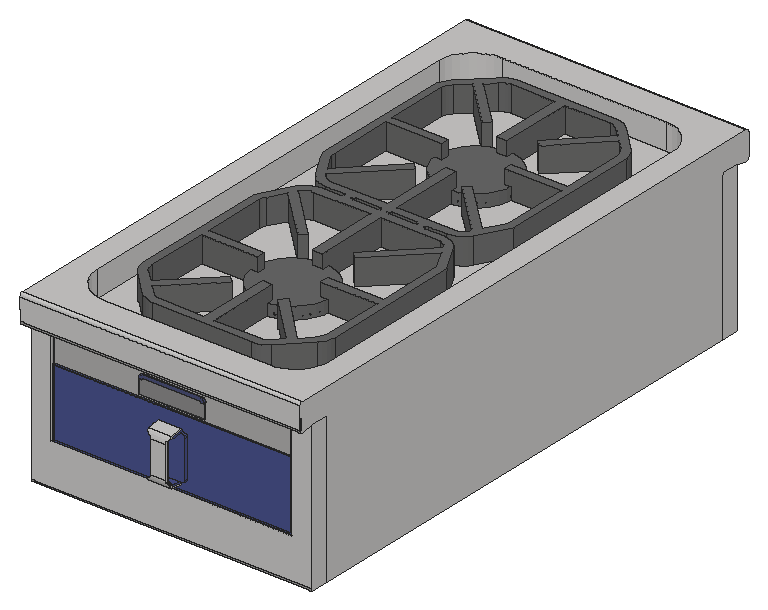
Revit family "QF_ELECTROLUXPROFESSIONAL_588038_MAGCACDOPO", category Specialty Equipment, Revit 2018
Family settings
  Round Connector Dimension = Use Diameter
  Part Type = Normal
  Work Plane-Based = No
  Always vertical = Yes
  Cut with Voids When Loaded = No
  Shared = No
  Room Calculation Point = No
Parameters
  Weight in Pounds = 81.571
  Watts = 0 W
  URL Cutsheet = ""
  Type Mark [instance] = ""
  Status [instance] = ""
  Specification by User [instance] = ""
  Specification by Manufacturer = ""
  Show Clearance [instance] = yes
  Serial Number = ""
  Seismic Rating = ""
  SMACNA No = ""
  Revision Code [instance] = ""
  Omniclass Number and Title = ""
  NAFEM Spec ID Number = ""
  Model = "588038"
  Mechanical Remarks [instance] = ""
  Mechanical Connection Type [instance] = ""
  Masterspec = ""
  Manufacturer = "ELECTROLUX"
  Item Number [instance] = ""
  Installed By [instance] = ""
  Identify Quantity as Lot [instance] = yes
  HP = "0 HP"
  Gas Size = 1/2"
  Gas RI Height [instance] = 0 mm
  Gas KW = 14
  Gas Input = 47726.0 Btu/h
  Gas Connection Height [instance] = 0 mm
  Furnished By [instance] = ""
  Foodservice Equipment Identifier [instance] = yes
  Direct Waste Size = 0"
  Description = "GAS TOP,2 BURNERS,2-SIDE,400X800X250H"
  CSI MasterFormat = ""
  CSI Master Format = ""
  Back Panel [instance] = yes
Reference planes
  plane 1 "BACK": y = 0
  plane 2: z = 0
  plane 3 "LEFT": x = 0
  plane 4 "RIGHT": x = 400
  plane 5 "FRONT": y = -800
  plane 6 "TOP": z = 250
  plane 7: x = 200
  plane 8: y = -400
  plane 9: z = 370
  plane 10: x = 365
  plane 11: y = -60.425
Forms (mm)
  Extrusion 1, solid, material "QF_Finishes_Stainless Steel"
    sketch origin (0, -487.128, 0) x (0, 1, 0) y (0, 0, 1)
      loop
        line (483.128, 250) -> (-308.872, 250)
        arc (-308.872, 250) -> (-311.7, 248.828) -> (-312.872, 246) r 4
        line (-312.872, 246) -> (-312.872, 214)
        arc (-312.872, 214) -> (-311.437, 210.931) -> (-308.161, 210.064) r 4
        line (-308.161, 210.064) -> (-292.872, 213) -> (-267.872, 213) -> (-267.872, 0) -> (442.128, 0) -> (442.128, 213) -> (465.765, 213) -> (482.433, 210.061)
        arc (482.433, 210.061) -> (485.699, 210.936) -> (487.128, 214) r 4
        line (487.128, 214) -> (487.128, 246)
        arc (487.128, 246) -> (485.956, 248.828) -> (483.128, 250) r 4
    from 0 to 400
  Extrusion 2, void
    sketch origin (653.786, 44.048, 250) x (1, 0, 0) y (0, -1, 0)
      loop
        line (-570.234, 89.462) -> (-335.321, 89.462)
        arc (-335.321, 89.462) -> (-300.694, 103.805) -> (-286.351, 138.432) r 48.97
        line (-286.351, 138.432) -> (-286.351, 750.078)
        arc (-286.351, 750.078) -> (-300.694, 784.705) -> (-335.321, 799.048) r 48.97
        line (-335.321, 799.048) -> (-570.234, 799.048)
        arc (-570.234, 799.048) -> (-605.59, 784.403) -> (-620.234, 749.048) r 50
        line (-620.234, 749.048) -> (-620.234, 139.462)
        arc (-620.234, 139.462) -> (-605.59, 104.107) -> (-570.234, 89.462) r 50
    from 0 to 37
  Extrusion 3, solid, material "QF_Finishes_Stainless Steel"
    sketch origin (10, -560, 0) x (1, 0, 0) y (0, -1, 0)
      loop
        circle (355, -70) r 6.35
    from 0 to 3.2
Cuts and joins
  Extrusion 2 cuts Extrusion 1
Lines and regions (mm)
  symbolic lines
    curve 1: line (0, 0, 0) -> (400, 0, 0)
    curve 2: line (0, -800, 0) -> (0, 0, 0)
    curve 3: line (400, -800, 0) -> (0, -800, 0)
    curve 4: line (400, 0, 0) -> (400, -800, 0)
    curve 5: arc (83.552, -755, 0) -> (48.197, -740.355, 0) -> (33.552, -705, 0) r 50
    curve 6: line (33.552, -705, 0) -> (33.552, -95.414, 0)
    curve 7: arc (33.552, -95.414, 0) -> (48.197, -60.059, 0) -> (83.552, -45.414, 0) r 50
    curve 8: line (83.552, -45.414, 0) -> (318.465, -45.414, 0)
    curve 9: arc (318.465, -45.414, 0) -> (353.092, -59.757, 0) -> (367.435, -94.384, 0) r 48.97
    curve 10: line (367.435, -94.384, 0) -> (367.435, -706.03, 0)
    curve 11: arc (367.435, -706.03, 0) -> (353.092, -740.657, 0) -> (318.465, -755, 0) r 48.97
    curve 12: line (318.465, -755, 0) -> (83.552, -755, 0)
Dimensions and locks
  plane 3 "LEFT" to plane 4 "RIGHT" = 400 mm
  plane 5 "FRONT" to plane 1 "BACK" = 800 mm
  equal spacing: plane 3 "LEFT", plane 7, plane 4 "RIGHT"
  equal spacing: plane 5 "FRONT", plane 8, plane 1 "BACK"
  plane 6 "TOP" to level = 250 mm  (x2)
  plane 1 "BACK" to plane 5 "FRONT" = 800 mm
  Extrusion 3 sketch curve to plane 1 "BACK" = 490 mm
  Extrusion 3 sketch curve to plane 4 "RIGHT" = 35 mm
  plane 1 "BACK" to Extrusion 3 = 490 mm
  locked: plane 10 to plane 4 "RIGHT" at 35
  aligned and locked: level to plane 2
  aligned and locked: plane 7 to nested 1
  aligned and locked: Extrusion 1 to plane 4 "RIGHT"
Automatic sketch dimensions
  Extrusion 1 sketch curve to plane 5 "FRONT" = 0 mm
  Extrusion 1 sketch curve to plane 6 "TOP" = 0 mm
  Extrusion 1 sketch curve to level = 0 mm
  Extrusion 1 sketch curve to plane 1 "BACK" = 0 mm
  Extrusion 1 sketch curve to plane 6 "TOP" = 37 mm  (x2)
  Extrusion 1 sketch curve to plane 5 "FRONT" = 4 mm
  Extrusion 1 sketch curve to plane 5 "FRONT" = 20 mm
  Extrusion 1 sketch curve to plane 5 "FRONT" = 45 mm
  plane 1 "BACK" to Extrusion 1 sketch curve = 21.363 mm
  plane 1 "BACK" to Extrusion 1 sketch curve = 4 mm  (x2)
  Extrusion 1 sketch curve to Extrusion 1 sketch curve = 4 mm
  Extrusion 1 sketch curve to Extrusion 1 sketch curve = 0.711 mm
  plane 1 "BACK" to Extrusion 1 sketch curve = 4.695 mm
  Extrusion 1 sketch curve to Extrusion 1 sketch curve = 0 mm  (x2)
  Extrusion 1 sketch curve to Extrusion 1 sketch curve = 1 mm  (x2)
  plane 1 "BACK" to Extrusion 1 sketch curve = 45 mm
  plane 1 "BACK" to curve 1 = 0 mm
  curve 1 to plane 4 "RIGHT" = 0 mm
  curve 2 to plane 3 "LEFT" = 0 mm
  Extrusion 2 sketch curve to Extrusion 2 sketch curve = 50 mm  (x2)
  Extrusion 1 to Extrusion 2 sketch curve = 81.535 mm  (x2)
  Extrusion 1 to Extrusion 2 sketch curve = 41 mm
  Extrusion 1 to Extrusion 2 sketch curve = 32.565 mm
  Extrusion 1 to Extrusion 2 sketch curve = 33.552 mm
  Extrusion 1 to Extrusion 2 sketch curve = 91.414 mm
  curve 10 to plane 10 = 2.435 mm
  plane 11 to curve 8 = 15.012 mm
  plane 10 to curve 8 = 46.535 mm
  plane 3 "LEFT" to curve 8 = 83.552 mm
  plane 3 "LEFT" to curve 6 = 33.552 mm
  curve 6 to plane 5 "FRONT" = 95 mm
  plane 10 to curve 12 = 46.535 mm
  curve 10 to plane 5 "FRONT" = 93.97 mm
  plane 5 "FRONT" to curve 4 = 0 mm
  radius of Extrusion 3 sketch curve = 6.35 mm
Nested families
  nested 1: "EG_800_500_Single Range Control Handle Front Panel" at (202.376, -755, -650), type "EG_800_500_Single Range Control Handle Front Panel"
  nested 2: "OBT_800_Open Burner" at (200, -400.207, -649.319), type "OBT_800_Open Burner"
  nested 3: "EG_800_500_Single Range Control Handle Back Panel" at (202.376, -45, -650), type "EG_800_500_Single Range Control Handle Back Panel"
Connectors
  piping at (365, -490, -3.2), diameter 12.8
    settings: on Extrusion 3, index 1, connector inside diameter 0.50394", connector length 0 mm, flow factor 0, pipe flow 0 GPM, pressure drop 0.00 psi, fitting loss kfactor 0, connector angle 0.00°, fixture units 0, engagement length 0 mm, angle of deflection 0.00°, flow configuration 1, flow direction 1, fitting loss method 0, system type 7, joint type 0, gender type 0, connector reference index -1, connector utility 0, adjustable connector no, is connector primary yes, connector description "GAS CONNECTION"
Definition of nested family "EG_800_500_Single Range Control Handle Front Panel"
  Reference planes
    plane 1 "Center (Front/Back)": y = 0
    plane 2: z = 0
    plane 3 "Center (Left/Right)": x = -2.376
    plane 4: x = -202.376
    plane 5: x = 197.624
    plane 6: y = -45
  Forms (mm)
    Extrusion 1, solid
      sketch origin (833.217, 829.203, -1.25) x (0, 1, 0) y (0, 0, 1)
        loop
          arc (-854.203, 654.25) -> (-853.324, 652.129) -> (-851.203, 651.25) r 3
          line (-851.203, 651.25) -> (-829.203, 651.25) -> (-829.203, 864.25) -> (-854.203, 864.25) -> (-854.203, 654.25)
      from -1035.593 to -635.593
    Extrusion 2, void
      sketch origin (33.217, 829.203, -1.25) x (1, 0, 0) y (0, 0, 1)
        loop
          line (-207.593, 855.116) -> (-207.593, 713.116) -> (136.407, 713.116) -> (136.407, 855.116) -> (-207.593, 855.116)
      from 848.59 to 854.203
  Cuts and joins
    Extrusion 2 cuts Extrusion 1
  Dimensions and locks
    equal spacing: plane 5, plane 3 "Center (Left/Right)", plane 4
    plane 5 to plane 4 = 400 mm
    aligned and locked: cut or joined group of Extrusion 1, Extrusion 2 to plane 4
    aligned and locked: plane 5 to cut or joined group of Extrusion 1, Extrusion 2
    aligned and locked: plane 3 "Center (Left/Right)" to nested 1
    aligned and locked: cut or joined group of Extrusion 1, Extrusion 2 to nested 1
  Automatic sketch dimensions
    Extrusion 1 sketch curve to plane 1 "Center (Front/Back)" = 0 mm
    plane 1 "Center (Front/Back)" to Extrusion 1 sketch curve = 22 mm
    Extrusion 1 sketch curve to Extrusion 1 sketch curve = 3 mm
    level to Extrusion 1 sketch curve = 650 mm
    Extrusion 1 sketch curve to Extrusion 1 sketch curve = 210 mm
    plane 4 to Extrusion 2 sketch curve = 28 mm
    Extrusion 2 sketch curve to plane 5 = 28 mm
    level to Extrusion 2 sketch curve = 711.866 mm
    Extrusion 2 sketch curve to Extrusion 2 sketch curve = 142 mm
  Nested families
    nested 1: "glass conrol panel" at (-2.376, 280.644, 2.752), type "glass conrol panel"
    nested 2: "Range Control Handle" at (-2.602, -28.137, -209.113), type "Range Control Handle"
  Definition of nested family "glass conrol panel"
    Reference planes
      plane 1 "Center (Front/Back)": y = 0
      plane 2: z = 0
      plane 3 "Center (Left/Right)": x = 0
    Forms (mm)
      Extrusion 1, solid
        sketch origin (378.286, 0, 0.617) x (1, 0, 0) y (0, 0, 1)
          loop
            line (-550.286, 806.791) -> (-550.286, 708.497) -> (-206.286, 708.497) -> (-206.286, 806.791) -> (-550.286, 806.791)
        from 300.031 to 304.8
      Extrusion 2, solid
        sketch origin (378.286, 0, 0.617) x (1, 0, 0) y (0, 0, 1)
          loop
            line (-550.286, 850.497) -> (-550.286, 806.791) -> (-206.286, 806.791) -> (-206.286, 850.497) -> (-550.286, 850.497)
        from 300.031 to 304.8
      Extrusion 3, void
        sketch origin (378.286, 0, 0.617) x (1, 0, 0) y (0, 0, 1)
          loop
            line (-547.628, 847.565) -> (-547.628, 710.699) -> (-209.196, 710.699) -> (-209.196, 847.565) -> (-547.628, 847.565)
        from 303.697 to 304.8
      Extrusion 4, solid
        sketch origin (308.309, 1.101, -0.633) x (1, 0, 0) y (0, 0, 1)
          loop
            line (-261.431, 812.62) -> (-261.431, 834.177) -> (-266.24, 834.177) -> (-268.039, 835.977) -> (-348.469, 835.977) -> (-350.269, 834.177) -> (-355.186, 834.177) -> (-355.186, 812.62) -> (-261.431, 812.62)
        from 304.798 to 306.745
      Extrusion 5, solid
        sketch origin (308.309, 1.101, -0.633) x (1, 0, 0) y (0, 0, 1)
          loop
            line (-350.269, 834.177) -> (-348.469, 835.977) -> (-268.039, 835.977) -> (-266.24, 834.177) -> (-261.529, 834.177)
            arc (-261.529, 834.177) -> (-262.706, 838.752) -> (-266.98, 840.763) r 5.549
            line (-266.98, 840.763) -> (-349.686, 840.763)
            arc (-349.686, 840.763) -> (-353.942, 838.747) -> (-355.078, 834.177) r 5.5
            line (-355.078, 834.177) -> (-350.269, 834.177)
        from 304.798 to 306.745
    Cuts and joins
      Extrusion 3 cuts Extrusion 1
      Extrusion 3 cuts Extrusion 2
    Dimensions and locks
      aligned and locked: Extrusion 1 to Extrusion 2
      aligned and locked: Extrusion 5 sketch curve to Extrusion 4  (x4)
      aligned and locked: Extrusion 4 to Extrusion 5 sketch curve
      aligned and locked: Extrusion 5 to Extrusion 4
  Definition of nested family "Range Control Handle"
    Reference planes
      plane 1 "Center (Front/Back)": y = 0
      plane 2: z = 0
      plane 3 "Center (Left/Right)": x = 0
      plane 4: z = 971.092
      plane 5: y = -16.9
    Forms (mm)
      Extrusion 1, solid
        sketch origin (-746.28, 380.497, 208.931) x (-1, 0, 0) y (0, 0, 1)
          loop
            line (-770.101, 786.798) -> (-770.101, 731.649)
            arc (-770.101, 731.649) -> (-769.759, 730.563) -> (-768.855, 729.87) r 1.893
            line (-768.855, 729.87) -> (-763.474, 727.911) -> (-729.81, 727.911) -> (-724.428, 729.87)
            arc (-724.428, 729.87) -> (-723.525, 730.563) -> (-723.183, 731.649) r 1.893
            line (-723.183, 731.649) -> (-723.183, 786.798)
            arc (-723.183, 786.798) -> (-723.529, 787.894) -> (-724.44, 788.593) r 1.91
            line (-724.44, 788.593) -> (-729.683, 790.819) -> (-763.601, 790.819) -> (-768.844, 788.593)
            arc (-768.844, 788.593) -> (-769.755, 787.894) -> (-770.101, 786.798) r 1.91
        from -382.35 to -378.852
      Sweep 2, solid
        path origin (-746.788, 380.496, 208.091) x (0, -1, 0) y (0, 0, 1)
          loop
            line (379.775, 793.281) -> (395.661, 791.048)
            arc (395.661, 791.048) -> (397.781, 787.377) -> (398.517, 783.202) r 12.207
            line (398.517, 783.202) -> (398.517, 737.368)
            arc (398.517, 737.368) -> (397.781, 733.193) -> (395.661, 729.522) r 12.207
            line (395.661, 729.522) -> (379.775, 727.289)
        profile origin (-746.788, -7.222, 1000.256) x (0, -0.139173, 0.990268) y (-1, 0, 0)
          loop
            line (0.782, -763.123) -> (0.782, -730.907) -> (-1.322, -730.907) -> (-1.322, -763.123) -> (0.782, -763.123)
      Sweep 3, solid
        path origin (-746.788, 380.715, 207.832) x (0, -1, 0) y (0, 0, 1)
          loop
            line (380.478, 795.442) -> (397.218, 793.09)
            arc (397.218, 793.09) -> (399.929, 788.473) -> (400.871, 783.202) r 15.207
            line (400.871, 783.202) -> (400.871, 737.584)
            arc (400.871, 737.584) -> (399.914, 732.274) -> (397.164, 727.633) r 15.207
            line (397.164, 727.633) -> (380.601, 725.305)
        profile origin (-746.788, -8.132, 1002.099) x (0, -0.139173, 0.990268) y (-1, 0, 0)
          loop
            line (0.782, -763.123) -> (0.782, -730.907) -> (-1.322, -730.907) -> (-1.322, -763.123) -> (0.782, -763.123)
      Extrusion 4, void
        sketch origin (889.253, 220.666, 207.993) x (1, 0, 0) y (0, 0, 1)
          loop
            line (-943.038, 816.854) -> (-943.038, 703.686) -> (-899.466, 734.196) -> (-899.466, 786.344) -> (-943.038, 816.854)
        from 230.636 to 242.25
      Extrusion 5, void
        sketch origin (-888.8, 220.666, 207.993) x (-1, 0, 0) y (0, 0, -1)
          loop
            line (-943.038, -816.854) -> (-899.466, -786.344) -> (-899.466, -734.196) -> (-943.038, -703.686) -> (-943.038, -816.854)
        from 230.636 to 242.25
      Extrusion 6, solid
        sketch origin (0, 0, 0) x (1, 0, 0) y (0, 0, 1)
          loop
            circle (0, 971.092) r 7.736
        from -3.137 to -1.645
    Cuts and joins
      Extrusion 4, Extrusion 5 cuts Sweep 3
      Extrusion 4, Extrusion 5 cuts Sweep 2
      joined: Extrusion 1, Extrusion 6
    Lines and regions (mm)
      symbolic lines
        curve 1: line (16.334, -16.9, 0) -> (16.334, -19.227, 0)
        curve 2: spline (16.334, -19.227, 0) -> (15.87, -19.385, 0) -> (15.404, -19.536, 0) -> (14.936, -19.678, 0) -> (14.466, -19.813, 0) -> (13.995, -19.94, 0) -> (13.523, -20.059, 0) -> (13.049, -20.171, 0) -> (12.575, -20.274, 0) -> (12.099, -20.37, 0) -> (11.622, -20.458, 0) -> (11.144, -20.537, 0) -> (10.666, -20.609, 0)
        curve 3: line (10.666, -16.9, 0) -> (10.666, -20.938, 0)
        curve 4: line (-10.213, -20.938, 0) -> (10.666, -20.938, 0)
        curve 5: line (-10.213, -20.938, 0) -> (-10.213, -16.9, 0)
        curve 6: spline (-10.213, -20.609, 0) -> (-10.691, -20.537, 0) -> (-11.169, -20.458, 0) -> (-11.646, -20.37, 0) -> (-12.122, -20.274, 0) -> (-12.597, -20.171, 0) -> (-13.07, -20.059, 0) -> (-13.542, -19.94, 0) -> (-14.013, -19.813, 0) -> (-14.483, -19.678, 0) -> (-14.951, -19.536, 0) -> (-15.417, -19.385, 0) -> (-15.881, -19.227, 0)
        curve 7: line (-15.881, -19.227, 0) -> (-15.881, -16.9, 0)
Definition of nested family "OBT_800_Open Burner"
  Reference planes
    plane 1 "Center (Front/Back)": y = 0
    plane 2: z = 0
    plane 3 "Center (Left/Right)": x = 0
    plane 4: x = -136.448
    plane 5: x = 137.435
    plane 6: y = 324.793
    plane 7: y = -324.793
  Forms (mm)
    Extrusion 1, solid
      sketch origin (2130.573, 56.896, -679.622) x (1, 0, 0) y (0, 1, 0)
        loop
          line (-2137.44, 256.49) -> (-2200.793, 256.49)
          arc (-2200.793, 256.49) -> (-2207.908, 255.075) -> (-2213.94, 251.044) r 18.593
          line (-2213.94, 251.044) -> (-2226.233, 238.751) -> (-2163.48, 175.998) -> (-2171.6, 167.877) -> (-2234.354, 230.631) -> (-2250.33, 214.654)
          arc (-2250.33, 214.654) -> (-2254.433, 208.337) -> (-2255.614, 200.897) r 18.125
          line (-2255.614, 200.897) -> (-2255.614, 113.422) -> (-2175.79, 113.422) -> (-2175.79, 101.938) -> (-2255.614, 101.938) -> (-2255.614, 10.897)
          arc (-2255.614, 10.897) -> (-2254.981, 6.085) -> (-2253.123, 1.601) r 18.593
          line (-2253.123, 1.601) -> (-2240.078, -20.994) -> (-2171.6, 47.483) -> (-2163.48, 39.363) -> (-2234.012, -31.169)
          arc (-2234.012, -31.169) -> (-2228.546, -38.527) -> (-2220.23, -42.379) r 18.593
          line (-2220.23, -42.379) -> (-2137.44, -42.379) -> (-2137.44, 62.464) -> (-2123.707, 62.464) -> (-2123.707, -42.379) -> (-2039.969, -42.379)
          arc (-2039.969, -42.379) -> (-2031.653, -38.527) -> (-2026.187, -31.169) r 18.593
          line (-2026.187, -31.169) -> (-2097.271, 39.915) -> (-2089.15, 48.035) -> (-2020.118, -20.997) -> (-2004.585, 5.916) -> (-2004.585, 101.938) -> (-2085.357, 101.938) -> (-2085.357, 113.422) -> (-2004.585, 113.422) -> (-2004.585, 197.888)
          arc (-2004.585, 197.888) -> (-2006.695, 208.496) -> (-2012.704, 217.489) r 27.72
          line (-2012.704, 217.489) -> (-2025.845, 230.631) -> (-2089.15, 167.325) -> (-2097.271, 175.446) -> (-2033.966, 238.751) -> (-2046.259, 251.044)
          arc (-2046.259, 251.044) -> (-2052.291, 255.075) -> (-2059.406, 256.49) r 18.593
          line (-2059.406, 256.49) -> (-2123.707, 256.49) -> (-2123.707, 152.897) -> (-2137.44, 152.897) -> (-2137.44, 256.49)
        loop
          arc (-2267.021, 10.897) -> (-2265.999, 3.132) -> (-2263.002, -4.103) r 30
          line (-2263.002, -4.103) -> (-2242.795, -39.103)
          arc (-2242.795, -39.103) -> (-2231.814, -50.084) -> (-2216.814, -54.103) r 30
          line (-2216.814, -54.103) -> (-2189.287, -54.103)
          arc (-2189.287, -54.103) -> (-2188.243, -56) -> (-2186.272, -56.896) r 3.438
          arc (-2186.272, -56.896) -> (-2188.243, -57.792) -> (-2189.287, -59.689) r 3.438
          line (-2189.287, -59.689) -> (-2216.814, -59.689)
          arc (-2216.814, -59.689) -> (-2231.814, -63.708) -> (-2242.795, -74.689) r 30
          line (-2242.795, -74.689) -> (-2263.002, -109.689)
          arc (-2263.002, -109.689) -> (-2265.999, -116.924) -> (-2267.021, -124.689) r 30
          line (-2267.021, -124.689) -> (-2267.021, -315.461)
          arc (-2267.021, -315.461) -> (-2264.738, -326.941) -> (-2258.234, -336.674) r 30
          line (-2258.234, -336.674) -> (-2221.975, -372.933)
          arc (-2221.975, -372.933) -> (-2212.253, -379.414) -> (-2200.793, -381.689) r 30
          line (-2200.793, -381.689) -> (-2059.406, -381.689)
          arc (-2059.406, -381.689) -> (-2047.942, -379.412) -> (-2038.218, -372.928) r 30
          line (-2038.218, -372.928) -> (-2001.964, -336.674)
          arc (-2001.964, -336.674) -> (-1995.461, -326.941) -> (-1993.138, -315.461) r 30
          line (-1993.138, -315.461) -> (-1993.138, -116.719) -> (-2017.404, -74.689)
          arc (-2017.404, -74.689) -> (-2028.385, -63.708) -> (-2043.385, -59.689) r 30
          line (-2043.385, -59.689) -> (-2070.476, -59.689)
          arc (-2070.476, -59.689) -> (-2072.136, -57.759) -> (-2074.531, -56.896) r 5
          arc (-2074.531, -56.896) -> (-2072.136, -56.033) -> (-2070.476, -54.103) r 5
          line (-2070.476, -54.103) -> (-2043.385, -54.103)
          arc (-2043.385, -54.103) -> (-2028.385, -50.084) -> (-2017.404, -39.103) r 30
          line (-2017.404, -39.103) -> (-1993.294, 2.656) -> (-1993.294, 204.314)
          arc (-1993.294, 204.314) -> (-1995.995, 214.361) -> (-2001.964, 222.882) r 30
          line (-2001.964, 222.882) -> (-2038.218, 259.136)
          arc (-2038.218, 259.136) -> (-2047.942, 265.62) -> (-2059.406, 267.897) r 30
          line (-2059.406, 267.897) -> (-2200.793, 267.897)
          arc (-2200.793, 267.897) -> (-2212.253, 265.622) -> (-2221.975, 259.141) r 30
          line (-2221.975, 259.141) -> (-2258.234, 222.882)
          arc (-2258.234, 222.882) -> (-2264.738, 213.149) -> (-2267.021, 201.669) r 30
          line (-2267.021, 201.669) -> (-2267.021, 10.897)
        loop
          arc (-2122.397, -54.103) -> (-2124.057, -56.033) -> (-2126.452, -56.896) r 5
          arc (-2126.452, -56.896) -> (-2124.057, -57.759) -> (-2122.397, -59.689) r 5
          line (-2122.397, -59.689) -> (-2085.985, -59.689)
          arc (-2085.985, -59.689) -> (-2084.941, -57.792) -> (-2082.97, -56.896) r 3.438
          arc (-2082.97, -56.896) -> (-2084.941, -56) -> (-2085.985, -54.103) r 3.438
          line (-2085.985, -54.103) -> (-2122.397, -54.103)
        loop
          arc (-2173.778, -54.103) -> (-2175.438, -56.033) -> (-2177.833, -56.896) r 5
          arc (-2177.833, -56.896) -> (-2175.438, -57.759) -> (-2173.778, -59.689) r 5
          line (-2173.778, -59.689) -> (-2137.906, -59.689)
          arc (-2137.906, -59.689) -> (-2136.862, -57.792) -> (-2134.891, -56.896) r 3.438
          arc (-2134.891, -56.896) -> (-2136.862, -56) -> (-2137.906, -54.103) r 3.438
          line (-2137.906, -54.103) -> (-2173.778, -54.103)
        loop
          line (-2137.44, -370.282) -> (-2137.44, -265.439) -> (-2123.707, -265.439) -> (-2123.707, -370.282) -> (-2059.406, -370.282)
          arc (-2059.406, -370.282) -> (-2052.291, -368.867) -> (-2046.259, -364.836) r 18.593
          line (-2046.259, -364.836) -> (-2033.341, -351.918) -> (-2097.271, -287.988) -> (-2089.15, -279.867) -> (-2025.22, -343.798) -> (-2012.704, -331.281)
          arc (-2012.704, -331.281) -> (-2006.695, -322.288) -> (-2004.585, -311.68) r 27.72
          line (-2004.585, -311.68) -> (-2004.585, -225.964) -> (-2085.357, -225.964) -> (-2085.357, -214.48) -> (-2004.585, -214.48) -> (-2004.585, -119.708) -> (-2020.576, -92.003) -> (-2089.15, -160.577) -> (-2097.271, -152.457) -> (-2026.57, -81.755)
          arc (-2026.57, -81.755) -> (-2032.024, -74.971) -> (-2039.969, -71.413) r 18.593
          line (-2039.969, -71.413) -> (-2123.707, -71.413) -> (-2123.707, -175.006) -> (-2137.44, -175.006) -> (-2137.44, -71.413) -> (-2220.23, -71.413)
          arc (-2220.23, -71.413) -> (-2228.175, -74.971) -> (-2233.629, -81.755) r 18.593
          line (-2233.629, -81.755) -> (-2163.48, -151.905) -> (-2171.6, -160.025) -> (-2239.62, -92.005) -> (-2253.123, -115.393)
          arc (-2253.123, -115.393) -> (-2254.981, -119.877) -> (-2255.614, -124.689) r 18.593
          line (-2255.614, -124.689) -> (-2255.614, -214.48) -> (-2175.79, -214.48) -> (-2175.79, -225.964) -> (-2255.614, -225.964) -> (-2255.614, -314.689)
          arc (-2255.614, -314.689) -> (-2254.433, -322.129) -> (-2250.33, -328.446) r 18.125
          line (-2250.33, -328.446) -> (-2234.979, -343.798) -> (-2171.6, -280.419) -> (-2163.48, -288.54) -> (-2226.858, -351.918) -> (-2213.94, -364.836)
          arc (-2213.94, -364.836) -> (-2207.908, -368.867) -> (-2200.793, -370.282) r 18.593
          line (-2200.793, -370.282) -> (-2137.44, -370.282)
      from 1542.072 to 1578.941
    Extrusion 2, solid
      sketch origin (2130.573, 86.122, 0) x (1, 0, 0) y (0, 1, 0)
        loop
          circle (-2130.573, -249.448) r 55
        loop
          circle (-2130.573, 78.455) r 55
      from 862.45 to 879.837
    Extrusion 3, void
      sketch origin (-124.371, -330.785, -22.784) x (-0.587785, -0.809017, 0) y (0, 0, 1)
        loop
          circle (-213.495, 891.283) r 1
      from -67.69 to -35.114
    Extrusion 4, void
      sketch origin (-89.903, -351.417, -22.784) x (-0.422618, -0.906308, 0) y (0, 0, 1)
        loop
          circle (-213.495, 891.283) r 1
      from -74.826 to -35.114
    Extrusion 5, void
      sketch origin (-52.131, -365.093, -22.784) x (-0.241922, -0.970296, 0) y (0, 0, 1)
        loop
          circle (-213.495, 891.283) r 1
      from -67.69 to -35.114
    Extrusion 6, void
      sketch origin (27.702, -369.842, -22.784) x (0.139173, -0.990268, 0) y (0, 0, 1)
        loop
          circle (-213.495, 891.283) r 1
      from -67.69 to -35.114
    Extrusion 7, void
      sketch origin (66.829, -360.74, -22.784) x (0.325568, -0.945519, 0) y (0, 0, 1)
        loop
          circle (-213.495, 891.283) r 1
      from -67.69 to -35.114
    Extrusion 8, void
      sketch origin (103.5, -344.339, -22.784) x (0.5, -0.866025, 0) y (0, 0, 1)
        loop
          circle (-213.495, 891.283) r 1
      from -67.69 to -35.114
    Extrusion 9, void
      sketch origin (136.368, -321.242, -22.784) x (0.656059, -0.75471, 0) y (0, 0, 1)
        loop
          circle (-213.495, 891.283) r 1
      from -67.69 to -35.114
    Extrusion 10, void
      sketch origin (164.225, -292.298, -22.784) x (0.788011, -0.615661, 0) y (0, 0, 1)
        loop
          circle (-213.495, 891.283) r 1
      from -67.69 to -35.114
    Extrusion 11, void
      sketch origin (186.048, -258.571, -22.784) x (0.891007, -0.45399, 0) y (0, 0, 1)
        loop
          circle (-213.495, 891.283) r 1
      from -67.69 to -35.114
    Extrusion 12, void
      sketch origin (201.034, -221.299, -22.784) x (0.961262, -0.275637, 0) y (0, 0, 1)
        loop
          circle (-213.495, 891.283) r 1
      from -67.69 to -35.114
    Extrusion 13, void
      sketch origin (208.566, -141.681, -22.784) x (0.994522, 0.104528, 0) y (0, 0, 1)
        loop
          circle (-213.495, 891.283) r 1
      from -67.69 to -35.114
    Extrusion 14, void
      sketch origin (200.835, -102.26, -22.784) x (0.956305, 0.292372, 0) y (0, 0, 1)
        loop
          circle (-213.495, 891.283) r 1
      from -67.69 to -35.114
    Extrusion 15, void
      sketch origin (185.724, -65.039, -22.784) x (0.882948, 0.469472, 0) y (0, 0, 1)
        loop
          circle (-213.495, 891.283) r 1
      from -67.69 to -35.114
    Extrusion 16, void
      sketch origin (163.788, -31.385, -22.784) x (0.777146, 0.62932, 0) y (0, 0, 1)
        loop
          circle (-213.495, 891.283) r 1
      from -67.69 to -35.114
    Extrusion 17, void
      sketch origin (135.834, -2.534, -22.784) x (0.642788, 0.766044, 0) y (0, 0, 1)
        loop
          circle (-213.495, 891.283) r 1
      from -67.69 to -35.114
    Extrusion 18, void
      sketch origin (102.889, 20.452, -22.784) x (0.48481, 0.87462, 0) y (0, 0, 1)
        loop
          circle (-213.495, 891.283) r 1
      from -67.69 to -35.114
    Extrusion 19, void
      sketch origin (66.163, 36.73, -22.784) x (0.309017, 0.951057, 0) y (0, 0, 1)
        loop
          circle (-213.495, 891.283) r 1
      from -67.69 to -35.114
    Extrusion 20, void
      sketch origin (-52.811, 40.685, -22.784) x (-0.258819, 0.965926, 0) y (0, 0, 1)
        loop
          circle (-213.495, 891.283) r 1
      from -67.69 to -35.114
    Extrusion 21, void
      sketch origin (-90.537, 26.882, -22.784) x (-0.438371, 0.898794, 0) y (0, 0, 1)
        loop
          circle (-213.495, 891.283) r 1
      from -67.69 to -35.114
    Extrusion 22, void
      sketch origin (-124.936, 6.135, -22.784) x (-0.601815, 0.798636, 0) y (0, 0, 1)
        loop
          circle (-213.495, 891.283) r 1
      from -67.69 to -35.114
    Extrusion 23, void
      sketch origin (-154.744, -20.796, -22.784) x (-0.743145, 0.669131, 0) y (0, 0, 1)
        loop
          circle (-213.495, 891.283) r 1
      from -67.69 to -35.114
    Extrusion 24, void
      sketch origin (-178.866, -52.919, -22.784) x (-0.857167, 0.515038, 0) y (0, 0, 1)
        loop
          circle (-213.495, 891.283) r 1
      from -67.69 to -35.114
    Extrusion 25, void
      sketch origin (-196.416, -89.054, -22.784) x (-0.939693, 0.34202, 0) y (0, 0, 1)
        loop
          circle (-213.495, 891.283) r 1
      from -67.69 to -35.114
    Extrusion 26, void
      sketch origin (-204.521, -207.817, -22.784) x (-0.97437, -0.224951, 0) y (0, 0, 1)
        loop
          circle (-213.495, 891.283) r 1
      from -67.69 to -35.114
    Extrusion 27, void
      sketch origin (-192.043, -246.002, -22.784) x (-0.913545, -0.406737, 0) y (0, 0, 1)
        loop
          circle (-213.495, 891.283) r 1
      from -67.69 to -35.114
    Extrusion 28, void
      sketch origin (-172.509, -281.104, -22.784) x (-0.819152, -0.573576, 0) y (0, 0, 1)
        loop
          circle (-213.495, 891.283) r 1
      from -67.69 to -35.114
    Extrusion 29, void
      sketch origin (-146.635, -311.834, -22.784) x (-0.694658, -0.71934, 0) y (0, 0, 1)
        loop
          circle (-213.495, 891.283) r 1
      from -67.69 to -35.114
    Extrusion 30, void
      sketch origin (-124.371, -2.882, -22.784) x (-0.587785, -0.809017, 0) y (0, 0, 1)
        loop
          circle (-213.495, 891.283) r 1
      from -67.69 to -35.114
    Extrusion 31, void
      sketch origin (-89.903, -23.515, -22.784) x (-0.422618, -0.906308, 0) y (0, 0, 1)
        loop
          circle (-213.495, 891.283) r 1
      from -74.826 to -35.114
    Extrusion 32, void
      sketch origin (-52.131, -37.191, -22.784) x (-0.241922, -0.970296, 0) y (0, 0, 1)
        loop
          circle (-213.495, 891.283) r 1
      from -67.69 to -35.114
    Extrusion 33, void
      sketch origin (27.702, -41.939, -22.784) x (0.139173, -0.990268, 0) y (0, 0, 1)
        loop
          circle (-213.495, 891.283) r 1
      from -67.69 to -35.114
    Extrusion 34, void
      sketch origin (66.829, -32.837, -22.784) x (0.325568, -0.945519, 0) y (0, 0, 1)
        loop
          circle (-213.495, 891.283) r 1
      from -67.69 to -35.114
    Extrusion 35, void
      sketch origin (103.5, -16.436, -22.784) x (0.5, -0.866025, 0) y (0, 0, 1)
        loop
          circle (-213.495, 891.283) r 1
      from -67.69 to -35.114
    Extrusion 36, void
      sketch origin (136.368, 6.66, -22.784) x (0.656059, -0.75471, 0) y (0, 0, 1)
        loop
          circle (-213.495, 891.283) r 1
      from -67.69 to -35.114
    Extrusion 37, void
      sketch origin (164.225, 35.604, -22.784) x (0.788011, -0.615661, 0) y (0, 0, 1)
        loop
          circle (-213.495, 891.283) r 1
      from -67.69 to -35.114
    Extrusion 38, void
      sketch origin (186.048, 69.332, -22.784) x (0.891007, -0.45399, 0) y (0, 0, 1)
        loop
          circle (-213.495, 891.283) r 1
      from -67.69 to -35.114
    Extrusion 39, void
      sketch origin (201.034, 106.603, -22.784) x (0.961262, -0.275637, 0) y (0, 0, 1)
        loop
          circle (-213.495, 891.283) r 1
      from -67.69 to -35.114
    Extrusion 40, void
      sketch origin (208.566, 186.222, -22.784) x (0.994522, 0.104528, 0) y (0, 0, 1)
        loop
          circle (-213.495, 891.283) r 1
      from -67.69 to -35.114
    Extrusion 41, void
      sketch origin (200.835, 225.642, -22.784) x (0.956305, 0.292372, 0) y (0, 0, 1)
        loop
          circle (-213.495, 891.283) r 1
      from -67.69 to -35.114
    Extrusion 42, void
      sketch origin (185.724, 262.864, -22.784) x (0.882948, 0.469472, 0) y (0, 0, 1)
        loop
          circle (-213.495, 891.283) r 1
      from -67.69 to -35.114
    Extrusion 43, void
      sketch origin (163.788, 296.518, -22.784) x (0.777146, 0.62932, 0) y (0, 0, 1)
        loop
          circle (-213.495, 891.283) r 1
      from -67.69 to -35.114
    Extrusion 44, void
      sketch origin (135.834, 325.368, -22.784) x (0.642788, 0.766044, 0) y (0, 0, 1)
        loop
          circle (-213.495, 891.283) r 1
      from -67.69 to -35.114
    Extrusion 45, void
      sketch origin (102.889, 348.355, -22.784) x (0.48481, 0.87462, 0) y (0, 0, 1)
        loop
          circle (-213.495, 891.283) r 1
      from -67.69 to -35.114
    Extrusion 46, void
      sketch origin (66.163, 364.633, -22.784) x (0.309017, 0.951057, 0) y (0, 0, 1)
        loop
          circle (-213.495, 891.283) r 1
      from -67.69 to -35.114
    Extrusion 47, void
      sketch origin (-52.811, 368.588, -22.784) x (-0.258819, 0.965926, 0) y (0, 0, 1)
        loop
          circle (-213.495, 891.283) r 1
      from -67.69 to -35.114
    Extrusion 48, void
      sketch origin (-90.537, 354.785, -22.784) x (-0.438371, 0.898794, 0) y (0, 0, 1)
        loop
          circle (-213.495, 891.283) r 1
      from -67.69 to -35.114
    Extrusion 49, void
      sketch origin (-124.936, 334.037, -22.784) x (-0.601815, 0.798636, 0) y (0, 0, 1)
        loop
          circle (-213.495, 891.283) r 1
      from -67.69 to -35.114
    Extrusion 50, void
      sketch origin (-154.744, 307.107, -22.784) x (-0.743145, 0.669131, 0) y (0, 0, 1)
        loop
          circle (-213.495, 891.283) r 1
      from -67.69 to -35.114
    Extrusion 51, void
      sketch origin (-178.866, 274.984, -22.784) x (-0.857167, 0.515038, 0) y (0, 0, 1)
        loop
          circle (-213.495, 891.283) r 1
      from -67.69 to -35.114
    Extrusion 52, void
      sketch origin (-196.416, 238.848, -22.784) x (-0.939693, 0.34202, 0) y (0, 0, 1)
        loop
          circle (-213.495, 891.283) r 1
      from -67.69 to -35.114
    Extrusion 53, void
      sketch origin (-204.521, 120.086, -22.784) x (-0.97437, -0.224951, 0) y (0, 0, 1)
        loop
          circle (-213.495, 891.283) r 1
      from -67.69 to -35.114
    Extrusion 54, void
      sketch origin (-192.043, 81.901, -22.784) x (-0.913545, -0.406737, 0) y (0, 0, 1)
        loop
          circle (-213.495, 891.283) r 1
      from -67.69 to -35.114
    Extrusion 55, void
      sketch origin (-172.509, 46.798, -22.784) x (-0.819152, -0.573576, 0) y (0, 0, 1)
        loop
          circle (-213.495, 891.283) r 1
      from -67.69 to -35.114
    Extrusion 56, void
      sketch origin (-146.635, 16.068, -22.784) x (-0.694658, -0.71934, 0) y (0, 0, 1)
        loop
          circle (-213.495, 891.283) r 1
      from -67.69 to -35.114
  Cuts and joins
    Extrusion 3, Extrusion 4, Extrusion 5, Extrusion 6, Extrusion 7, Extrusion 8, Extrusion 9, Extrusion 10, Extrusion 11, Extrusion 12, Extrusion 13, Extrusion 14, Extrusion 15, Extrusion 16, Extrusion 17, Extrusion 18, Extrusion 19, Extrusion 20, Extrusion 21, Extrusion 22, Extrusion 23, Extrusion 24, Extrusion 25, Extrusion 26, Extrusion 27, Extrusion 28, Extrusion 29, Extrusion 30, Extrusion 31, Extrusion 32, Extrusion 33, Extrusion 34, Extrusion 35, Extrusion 36, Extrusion 37, Extrusion 38, Extrusion 39, Extrusion 40, Extrusion 41, Extrusion 42, Extrusion 43, Extrusion 44, Extrusion 45, Extrusion 46, Extrusion 47, Extrusion 48, Extrusion 49, Extrusion 50, Extrusion 51, Extrusion 52, Extrusion 53, Extrusion 54, Extrusion 55, Extrusion 56 cuts Extrusion 2
    Extrusion 32 cuts Extrusion 1
  Lines and regions (mm)
    symbolic lines
      curve 1: line (-103.78, 287.527, 0) -> (-41.027, 224.773, 0)
      curve 2: line (-41.027, 224.773, 0) -> (-32.906, 232.894, 0)
      curve 3: line (-32.906, 232.894, 0) -> (-95.66, 295.647, 0)
      curve 4: line (-95.66, 295.647, 0) -> (-83.367, 307.94, 0)
      curve 5: arc (-83.367, 307.94, 0) -> (-77.335, 311.971, 0) -> (-70.219, 313.386, 0) r 18.593
      curve 6: line (-70.219, 313.386, 0) -> (-6.867, 313.386, 0)
      curve 7: line (-6.867, 313.386, 0) -> (-6.867, 209.793, 0)
      curve 8: line (-6.867, 209.793, 0) -> (6.867, 209.793, 0)
      curve 9: line (6.867, 209.793, 0) -> (6.867, 313.386, 0)
      curve 10: line (6.867, 313.386, 0) -> (71.168, 313.386, 0)
      curve 11: arc (71.168, 313.386, 0) -> (78.283, 311.971, 0) -> (84.315, 307.94, 0) r 18.593
      curve 12: line (84.315, 307.94, 0) -> (96.608, 295.647, 0)
      curve 13: line (96.608, 295.647, 0) -> (33.302, 232.342, 0)
      curve 14: line (33.302, 232.342, 0) -> (41.423, 224.221, 0)
      curve 15: line (41.423, 224.221, 0) -> (104.728, 287.527, 0)
      curve 16: line (104.728, 287.527, 0) -> (117.87, 274.385, 0)
      curve 17: arc (117.87, 274.385, 0) -> (123.879, 265.392, 0) -> (125.989, 254.784, 0) r 27.72
      curve 18: line (125.989, 254.784, 0) -> (125.989, 170.318, 0)
      curve 19: line (125.989, 170.318, 0) -> (45.217, 170.318, 0)
      curve 20: line (45.217, 170.318, 0) -> (45.217, 158.834, 0)
      curve 21: line (45.217, 158.834, 0) -> (125.989, 158.834, 0)
      curve 22: line (125.989, 158.834, 0) -> (125.989, 62.812, 0)
      curve 23: line (125.989, 62.812, 0) -> (110.455, 35.899, 0)
      curve 24: line (110.455, 35.899, 0) -> (41.423, 104.931, 0)
      curve 25: line (41.423, 104.931, 0) -> (33.302, 96.811, 0)
      curve 26: line (33.302, 96.811, 0) -> (104.386, 25.727, 0)
      curve 27: arc (104.386, 25.727, 0) -> (98.921, 18.369, 0) -> (90.604, 14.517, 0) r 18.593
      curve 28: line (90.604, 14.517, 0) -> (6.867, 14.517, 0)
      curve 29: line (6.867, 14.517, 0) -> (6.867, 119.36, 0)
      curve 30: line (6.867, 119.36, 0) -> (-6.867, 119.36, 0)
      curve 31: line (-6.867, 119.36, 0) -> (-6.867, 14.517, 0)
      curve 32: line (-6.867, 14.517, 0) -> (-89.656, 14.517, 0)
      curve 33: arc (-89.656, 14.517, 0) -> (-97.973, 18.369, 0) -> (-103.438, 25.727, 0) r 18.593
      curve 34: line (-103.438, 25.727, 0) -> (-32.906, 96.259, 0)
      curve 35: line (-32.906, 96.259, 0) -> (-41.027, 104.379, 0)
      curve 36: line (-41.027, 104.379, 0) -> (-109.504, 35.902, 0)
      curve 37: line (-109.504, 35.902, 0) -> (-122.55, 58.497, 0)
      curve 38: arc (-122.55, 58.497, 0) -> (-124.407, 62.981, 0) -> (-125.041, 67.793, 0) r 18.593
      curve 39: line (-125.041, 67.793, 0) -> (-125.041, 158.834, 0)
      curve 40: line (-125.041, 158.834, 0) -> (-45.217, 158.834, 0)
      curve 41: line (-45.217, 158.834, 0) -> (-45.217, 170.318, 0)
      curve 42: line (-45.217, 170.318, 0) -> (-125.041, 170.318, 0)
      curve 43: line (-125.041, 170.318, 0) -> (-125.041, 257.793, 0)
      curve 44: arc (-125.041, 257.793, 0) -> (-123.86, 265.233, 0) -> (-119.757, 271.55, 0) r 18.125
      curve 45: line (-119.757, 271.55, 0) -> (-103.78, 287.527, 0)
      curve 46: line (-32.906, -95.009, 0) -> (-103.056, -24.859, 0)
      curve 47: arc (-103.056, -24.859, 0) -> (-97.601, -18.075, 0) -> (-89.656, -14.517, 0) r 18.593
      curve 48: line (-89.656, -14.517, 0) -> (-6.867, -14.517, 0)
      curve 49: line (-6.867, -14.517, 0) -> (-6.867, -118.11, 0)
      curve 50: line (-6.867, -118.11, 0) -> (6.867, -118.11, 0)
      curve 51: line (6.867, -118.11, 0) -> (6.867, -14.517, 0)
      curve 52: line (6.867, -14.517, 0) -> (90.604, -14.517, 0)
      curve 53: arc (90.604, -14.517, 0) -> (98.549, -18.075, 0) -> (104.004, -24.859, 0) r 18.593
      curve 54: line (104.004, -24.859, 0) -> (33.302, -95.561, 0)
      curve 55: line (33.302, -95.561, 0) -> (41.423, -103.681, 0)
      curve 56: line (41.423, -103.681, 0) -> (109.998, -35.107, 0)
      curve 57: line (109.998, -35.107, 0) -> (125.989, -62.812, 0)
      curve 58: line (125.989, -62.812, 0) -> (125.989, -157.584, 0)
      curve 59: line (125.989, -157.584, 0) -> (45.217, -157.584, 0)
      curve 60: line (45.217, -157.584, 0) -> (45.217, -169.068, 0)
      curve 61: line (45.217, -169.068, 0) -> (125.989, -169.068, 0)
      curve 62: line (125.989, -169.068, 0) -> (125.989, -254.784, 0)
      curve 63: arc (125.989, -254.784, 0) -> (123.879, -265.392, 0) -> (117.87, -274.385, 0) r 27.72
      curve 64: line (117.87, -274.385, 0) -> (105.353, -286.902, 0)
      curve 65: line (105.353, -286.902, 0) -> (41.423, -222.971, 0)
      curve 66: line (41.423, -222.971, 0) -> (33.302, -231.092, 0)
      curve 67: line (33.302, -231.092, 0) -> (97.233, -295.022, 0)
      curve 68: line (97.233, -295.022, 0) -> (84.315, -307.94, 0)
      curve 69: arc (84.315, -307.94, 0) -> (78.283, -311.971, 0) -> (71.168, -313.386, 0) r 18.593
      curve 70: line (71.168, -313.386, 0) -> (6.867, -313.386, 0)
      curve 71: line (6.867, -313.386, 0) -> (6.867, -208.543, 0)
      curve 72: line (6.867, -208.543, 0) -> (-6.867, -208.543, 0)
      curve 73: line (-6.867, -208.543, 0) -> (-6.867, -313.386, 0)
      curve 74: line (-6.867, -313.386, 0) -> (-70.219, -313.386, 0)
      curve 75: arc (-70.219, -313.386, 0) -> (-77.335, -311.971, 0) -> (-83.367, -307.94, 0) r 18.593
      curve 76: line (-83.367, -307.94, 0) -> (-96.285, -295.022, 0)
      curve 77: line (-96.285, -295.022, 0) -> (-32.906, -231.644, 0)
      curve 78: line (-32.906, -231.644, 0) -> (-41.027, -223.523, 0)
      curve 79: line (-41.027, -223.523, 0) -> (-104.405, -286.902, 0)
      curve 80: line (-104.405, -286.902, 0) -> (-119.757, -271.55, 0)
      curve 81: arc (-119.757, -271.55, 0) -> (-123.86, -265.233, 0) -> (-125.041, -257.793, 0) r 18.125
      curve 82: line (-125.041, -257.793, 0) -> (-125.041, -169.068, 0)
      curve 83: line (-125.041, -169.068, 0) -> (-45.217, -169.068, 0)
      curve 84: line (-45.217, -169.068, 0) -> (-45.217, -157.584, 0)
      curve 85: line (-45.217, -157.584, 0) -> (-125.041, -157.584, 0)
      curve 86: line (-125.041, -157.584, 0) -> (-125.041, -67.793, 0)
      curve 87: arc (-125.041, -67.793, 0) -> (-124.407, -62.981, 0) -> (-122.55, -58.497, 0) r 18.593
      curve 88: line (-122.55, -58.497, 0) -> (-109.047, -35.109, 0)
      curve 89: line (-109.047, -35.109, 0) -> (-41.027, -103.129, 0)
      curve 90: line (-41.027, -103.129, 0) -> (-32.906, -95.009, 0)
      curve 91: line (-132.429, 52.793, 0) -> (-112.221, 17.793, 0)
      curve 92: arc (-112.221, 17.793, 0) -> (-101.241, 6.812, 0) -> (-86.241, 2.793, 0) r 30
      curve 93: line (-86.241, 2.793, 0) -> (-58.714, 2.793, 0)
      curve 94: arc (-58.714, 2.793, 0) -> (-57.669, 0.896, 0) -> (-55.698, 0, 0) r 3.438
      curve 95: arc (-55.698, 0, 0) -> (-57.669, -0.896, 0) -> (-58.714, -2.793, 0) r 3.438
      curve 96: line (-58.714, -2.793, 0) -> (-86.241, -2.793, 0)
      curve 97: arc (-86.241, -2.793, 0) -> (-101.241, -6.812, 0) -> (-112.221, -17.793, 0) r 30
      curve 98: line (-112.221, -17.793, 0) -> (-132.429, -52.793, 0)
      curve 99: arc (-132.429, -52.793, 0) -> (-135.426, -60.028, 0) -> (-136.448, -67.793, 0) r 30
      curve 100: line (-136.448, -67.793, 0) -> (-136.448, -258.565, 0)
      curve 101: arc (-136.448, -258.565, 0) -> (-134.164, -270.045, 0) -> (-127.661, -279.778, 0) r 30
      curve 102: line (-127.661, -279.778, 0) -> (-91.401, -316.037, 0)
      curve 103: arc (-91.401, -316.037, 0) -> (-81.68, -322.518, 0) -> (-70.219, -324.793, 0) r 30
      curve 104: line (-70.219, -324.793, 0) -> (71.168, -324.793, 0)
      curve 105: arc (71.168, -324.793, 0) -> (82.631, -322.516, 0) -> (92.355, -316.032, 0) r 30
      curve 106: line (92.355, -316.032, 0) -> (128.609, -279.778, 0)
      curve 107: arc (128.609, -279.778, 0) -> (135.112, -270.045, 0) -> (137.396, -258.565, 0) r 30
      curve 108: line (137.435, -258.565, 0) -> (137.435, -59.823, 0)
      curve 109: line (137.435, -59.823, 0) -> (113.169, -17.793, 0)
      curve 110: arc (113.169, -17.793, 0) -> (102.189, -6.812, 0) -> (87.189, -2.793, 0) r 30
      curve 111: line (87.189, -2.793, 0) -> (60.098, -2.793, 0)
      curve 112: arc (60.098, -2.793, 0) -> (58.438, -0.863, 0) -> (56.042, 0, 0) r 5
      curve 113: arc (56.042, 0, 0) -> (58.438, 0.863, 0) -> (60.098, 2.793, 0) r 5
      curve 114: line (60.098, 2.793, 0) -> (87.189, 2.793, 0)
      curve 115: arc (87.189, 2.793, 0) -> (102.189, 6.812, 0) -> (113.169, 17.793, 0) r 30
      curve 116: line (113.169, 17.793, 0) -> (137.279, 59.552, 0)
      curve 117: line (137.279, 59.552, 0) -> (137.279, 261.21, 0)
      curve 118: arc (137.279, 261.21, 0) -> (134.579, 271.257, 0) -> (128.609, 279.778, 0) r 30
      curve 119: line (128.609, 279.778, 0) -> (92.355, 316.032, 0)
      curve 120: arc (92.355, 316.032, 0) -> (82.631, 322.516, 0) -> (71.168, 324.793, 0) r 30
      curve 121: line (71.168, 324.793, 0) -> (-70.219, 324.793, 0)
      curve 122: arc (-70.219, 324.793, 0) -> (-81.68, 322.518, 0) -> (-91.401, 316.037, 0) r 30
      curve 123: line (-91.401, 316.037, 0) -> (-127.661, 279.778, 0)
      curve 124: arc (-127.661, 279.778, 0) -> (-134.164, 270.045, 0) -> (-136.448, 258.565, 0) r 30
      curve 125: line (-136.448, 258.565, 0) -> (-136.448, 67.793, 0)
      curve 126: arc (-136.448, 67.793, 0) -> (-135.426, 60.028, 0) -> (-132.429, 52.793, 0) r 30
      curve 127: line (-43.204, 2.793, 0) -> (-7.333, 2.793, 0)
      curve 128: arc (-7.333, 2.793, 0) -> (-6.288, 0.896, 0) -> (-4.317, 0, 0) r 3.438
      curve 129: arc (-4.317, 0, 0) -> (-6.288, -0.896, 0) -> (-7.333, -2.793, 0) r 3.438
      curve 130: line (-7.333, -2.793, 0) -> (-43.204, -2.793, 0)
      curve 131: arc (-43.204, -2.793, 0) -> (-44.864, -0.863, 0) -> (-47.26, 0, 0) r 5
      curve 132: arc (-47.26, 0, 0) -> (-44.864, 0.863, 0) -> (-43.204, 2.793, 0) r 5
      curve 133: line (8.177, 2.793, 0) -> (44.588, 2.793, 0)
      curve 134: arc (44.588, 2.793, 0) -> (45.633, 0.896, 0) -> (47.604, 0, 0) r 3.438
      curve 135: arc (47.604, 0, 0) -> (45.633, -0.896, 0) -> (44.588, -2.793, 0) r 3.438
      curve 136: line (44.588, -2.793, 0) -> (8.177, -2.793, 0)
      curve 137: arc (8.177, -2.793, 0) -> (6.517, -0.863, 0) -> (4.121, 0, 0) r 5
      curve 138: arc (4.121, 0, 0) -> (6.517, 0.863, 0) -> (8.177, 2.793, 0) r 5
      curve 139: arc (-6.867, 219.146, 0) -> (-39.289, 203.065, 0) -> (-54.699, 170.318, 0) r 55
      curve 140: arc (54.699, 170.318, 0) -> (39.289, 203.065, 0) -> (6.867, 219.146, 0) r 55
      curve 141: arc (6.867, 110.007, 0) -> (39.289, 126.088, 0) -> (54.699, 158.834, 0) r 55
      curve 142: arc (-54.699, 158.834, 0) -> (-39.289, 126.088, 0) -> (-6.867, 110.007, 0) r 55
      curve 143: arc (-6.867, -108.757, 0) -> (-39.289, -124.838, 0) -> (-54.699, -157.584, 0) r 55
      curve 144: arc (-54.699, -169.068, 0) -> (-39.289, -201.815, 0) -> (-6.867, -217.896, 0) r 55
      curve 145: arc (54.699, -157.584, 0) -> (39.289, -124.838, 0) -> (6.867, -108.757, 0) r 55
      curve 146: arc (6.867, -217.896, 0) -> (39.289, -201.815, 0) -> (54.699, -169.068, 0) r 55
  Dimensions and locks
    plane 5 to plane 4 = 273.883 mm
    equal spacing: Extrusion 1 sketch curve, plane 3 "Center (Left/Right)", Extrusion 1 sketch curve
Definition of nested family "EG_800_500_Single Range Control Handle Back Panel"
  Reference planes
    plane 1 "Center (Front/Back)": y = 0
    plane 2: z = 0
    plane 3 "Center (Left/Right)": x = -2.376
    plane 4: x = -202.376
    plane 5: x = 197.624
    plane 6: y = -45
  Forms (mm)
    Extrusion 1, solid
      sketch origin (833.217, 829.203, -1.25) x (0, 1, 0) y (0, 0, 1)
        loop
          arc (-854.203, 654.25) -> (-853.324, 652.129) -> (-851.203, 651.25) r 3
          line (-851.203, 651.25) -> (-829.203, 651.25) -> (-829.203, 864.25) -> (-854.203, 864.25) -> (-854.203, 654.25)
      from -1035.593 to -635.593
    Extrusion 2, void
      sketch origin (33.217, 829.203, -1.25) x (1, 0, 0) y (0, 0, 1)
        loop
          line (-207.593, 855.116) -> (-207.593, 713.116) -> (136.407, 713.116) -> (136.407, 855.116) -> (-207.593, 855.116)
      from 848.59 to 854.203
  Cuts and joins
    Extrusion 2 cuts Extrusion 1
  Dimensions and locks
    equal spacing: plane 5, plane 3 "Center (Left/Right)", plane 4
    plane 5 to plane 4 = 400 mm
    aligned and locked: cut or joined group of Extrusion 1, Extrusion 2 to plane 4
    aligned and locked: plane 5 to cut or joined group of Extrusion 1, Extrusion 2
    aligned and locked: plane 3 "Center (Left/Right)" to nested 2
    aligned and locked: cut or joined group of Extrusion 1, Extrusion 2 to nested 2
  Automatic sketch dimensions
    Extrusion 1 sketch curve to plane 1 "Center (Front/Back)" = 0 mm
    plane 1 "Center (Front/Back)" to Extrusion 1 sketch curve = 22 mm
    Extrusion 1 sketch curve to Extrusion 1 sketch curve = 3 mm
    level to Extrusion 1 sketch curve = 650 mm
    Extrusion 1 sketch curve to Extrusion 1 sketch curve = 210 mm
    plane 4 to Extrusion 2 sketch curve = 28 mm
    Extrusion 2 sketch curve to plane 5 = 28 mm
    level to Extrusion 2 sketch curve = 711.866 mm
    Extrusion 2 sketch curve to Extrusion 2 sketch curve = 142 mm
  Nested families
    nested 1: "Range Control Handle" at (-2.376, -28.137, -209.113) x (-1, 0, 0) z (0, 0, 1), type "Range Control Handle"
    nested 2: "glass conrol panel" at (-2.376, 280.644, 2.752), type "glass conrol panel"
  Definition of nested family "Range Control Handle"
    Reference planes
      plane 1 "Center (Front/Back)": y = 0
      plane 2: z = 0
      plane 3 "Center (Left/Right)": x = 0
      plane 4: z = 971.092
      plane 5: y = -16.9
    Forms (mm)
      Extrusion 1, solid
        sketch origin (-746.28, 380.497, 208.931) x (-1, 0, 0) y (0, 0, 1)
          loop
            line (-770.101, 786.798) -> (-770.101, 731.649)
            arc (-770.101, 731.649) -> (-769.759, 730.563) -> (-768.855, 729.87) r 1.893
            line (-768.855, 729.87) -> (-763.474, 727.911) -> (-729.81, 727.911) -> (-724.428, 729.87)
            arc (-724.428, 729.87) -> (-723.525, 730.563) -> (-723.183, 731.649) r 1.893
            line (-723.183, 731.649) -> (-723.183, 786.798)
            arc (-723.183, 786.798) -> (-723.529, 787.894) -> (-724.44, 788.593) r 1.91
            line (-724.44, 788.593) -> (-729.683, 790.819) -> (-763.601, 790.819) -> (-768.844, 788.593)
            arc (-768.844, 788.593) -> (-769.755, 787.894) -> (-770.101, 786.798) r 1.91
        from -382.35 to -378.852
      Sweep 2, solid
        path origin (-746.788, 380.496, 208.091) x (0, -1, 0) y (0, 0, 1)
          loop
            line (379.775, 793.281) -> (395.661, 791.048)
            arc (395.661, 791.048) -> (397.781, 787.377) -> (398.517, 783.202) r 12.207
            line (398.517, 783.202) -> (398.517, 737.368)
            arc (398.517, 737.368) -> (397.781, 733.193) -> (395.661, 729.522) r 12.207
            line (395.661, 729.522) -> (379.775, 727.289)
        profile origin (-746.788, -7.222, 1000.256) x (0, -0.139173, 0.990268) y (-1, 0, 0)
          loop
            line (0.782, -763.123) -> (0.782, -730.907) -> (-1.322, -730.907) -> (-1.322, -763.123) -> (0.782, -763.123)
      Sweep 3, solid
        path origin (-746.788, 380.715, 207.832) x (0, -1, 0) y (0, 0, 1)
          loop
            line (380.478, 795.442) -> (397.218, 793.09)
            arc (397.218, 793.09) -> (399.929, 788.473) -> (400.871, 783.202) r 15.207
            line (400.871, 783.202) -> (400.871, 737.584)
            arc (400.871, 737.584) -> (399.914, 732.274) -> (397.164, 727.633) r 15.207
            line (397.164, 727.633) -> (380.601, 725.305)
        profile origin (-746.788, -8.132, 1002.099) x (0, -0.139173, 0.990268) y (-1, 0, 0)
          loop
            line (0.782, -763.123) -> (0.782, -730.907) -> (-1.322, -730.907) -> (-1.322, -763.123) -> (0.782, -763.123)
      Extrusion 4, void
        sketch origin (889.253, 220.666, 207.993) x (1, 0, 0) y (0, 0, 1)
          loop
            line (-943.038, 816.854) -> (-943.038, 703.686) -> (-899.466, 734.196) -> (-899.466, 786.344) -> (-943.038, 816.854)
        from 230.636 to 242.25
      Extrusion 5, void
        sketch origin (-888.8, 220.666, 207.993) x (-1, 0, 0) y (0, 0, -1)
          loop
            line (-943.038, -816.854) -> (-899.466, -786.344) -> (-899.466, -734.196) -> (-943.038, -703.686) -> (-943.038, -816.854)
        from 230.636 to 242.25
      Extrusion 6, solid
        sketch origin (0, 0, 0) x (1, 0, 0) y (0, 0, 1)
          loop
            circle (0, 971.092) r 7.736
        from -3.137 to -1.645
    Cuts and joins
      Extrusion 4, Extrusion 5 cuts Sweep 3
      Extrusion 4, Extrusion 5 cuts Sweep 2
      joined: Extrusion 1, Extrusion 6
    Lines and regions (mm)
      symbolic lines
        curve 1: line (16.334, -16.9, 0) -> (16.334, -19.227, 0)
        curve 2: spline (16.334, -19.227, 0) -> (15.87, -19.385, 0) -> (15.404, -19.536, 0) -> (14.936, -19.678, 0) -> (14.466, -19.813, 0) -> (13.995, -19.94, 0) -> (13.523, -20.059, 0) -> (13.049, -20.171, 0) -> (12.575, -20.274, 0) -> (12.099, -20.37, 0) -> (11.622, -20.458, 0) -> (11.144, -20.537, 0) -> (10.666, -20.609, 0)
        curve 3: line (10.666, -16.9, 0) -> (10.666, -20.938, 0)
        curve 4: line (-10.213, -20.938, 0) -> (10.666, -20.938, 0)
        curve 5: line (-10.213, -20.938, 0) -> (-10.213, -16.9, 0)
        curve 6: spline (-10.213, -20.609, 0) -> (-10.691, -20.537, 0) -> (-11.169, -20.458, 0) -> (-11.646, -20.37, 0) -> (-12.122, -20.274, 0) -> (-12.597, -20.171, 0) -> (-13.07, -20.059, 0) -> (-13.542, -19.94, 0) -> (-14.013, -19.813, 0) -> (-14.483, -19.678, 0) -> (-14.951, -19.536, 0) -> (-15.417, -19.385, 0) -> (-15.881, -19.227, 0)
        curve 7: line (-15.881, -19.227, 0) -> (-15.881, -16.9, 0)
  Definition of nested family "glass conrol panel"
    Reference planes
      plane 1 "Center (Front/Back)": y = 0
      plane 2: z = 0
      plane 3 "Center (Left/Right)": x = 0
    Forms (mm)
      Extrusion 1, solid
        sketch origin (378.286, 0, 0.617) x (1, 0, 0) y (0, 0, 1)
          loop
            line (-550.286, 806.791) -> (-550.286, 708.497) -> (-206.286, 708.497) -> (-206.286, 806.791) -> (-550.286, 806.791)
        from 300.031 to 304.8
      Extrusion 2, solid
        sketch origin (378.286, 0, 0.617) x (1, 0, 0) y (0, 0, 1)
          loop
            line (-550.286, 850.497) -> (-550.286, 806.791) -> (-206.286, 806.791) -> (-206.286, 850.497) -> (-550.286, 850.497)
        from 300.031 to 304.8
      Extrusion 3, void
        sketch origin (378.286, 0, 0.617) x (1, 0, 0) y (0, 0, 1)
          loop
            line (-547.628, 847.565) -> (-547.628, 710.699) -> (-209.196, 710.699) -> (-209.196, 847.565) -> (-547.628, 847.565)
        from 303.697 to 304.8
      Extrusion 4, solid
        sketch origin (-308.309, 1.101, -0.633) x (-1, 0, 0) y (0, 0, -1)
          loop
            line (-261.431, -812.62) -> (-355.186, -812.62) -> (-355.186, -834.177) -> (-350.269, -834.177) -> (-348.469, -835.977) -> (-268.039, -835.977) -> (-266.24, -834.177) -> (-261.431, -834.177) -> (-261.431, -812.62)
        from 304.798 to 306.745
      Extrusion 5, solid
        sketch origin (-308.309, 1.101, -0.633) x (-1, 0, 0) y (0, 0, -1)
          loop
            line (-350.269, -834.177) -> (-355.078, -834.177)
            arc (-355.078, -834.177) -> (-353.942, -838.747) -> (-349.686, -840.763) r 5.5
            line (-349.686, -840.763) -> (-266.98, -840.763)
            arc (-266.98, -840.763) -> (-262.706, -838.752) -> (-261.529, -834.177) r 5.549
            line (-261.529, -834.177) -> (-266.24, -834.177) -> (-268.039, -835.977) -> (-348.469, -835.977) -> (-350.269, -834.177)
        from 304.798 to 306.745
    Cuts and joins
      Extrusion 3 cuts Extrusion 1
      Extrusion 3 cuts Extrusion 2
    Dimensions and locks
      aligned and locked: Extrusion 1 to Extrusion 2
      aligned and locked: Extrusion 5 sketch curve to Extrusion 4  (x5)
      aligned and locked: Extrusion 5 to Extrusion 4
